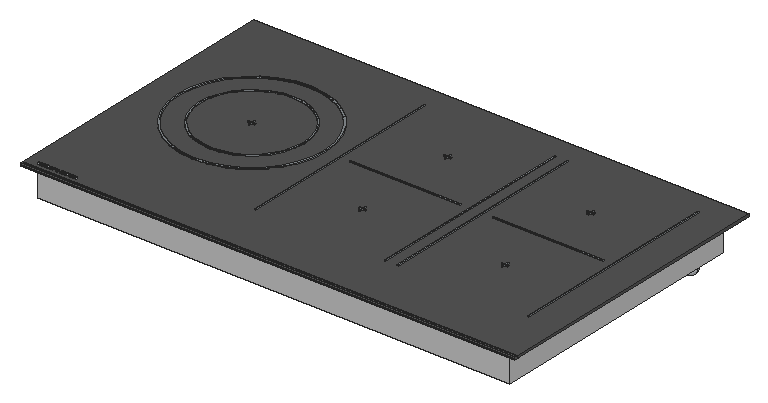
Revit family "FP_Revit_18_CI365DTB4_Cooktop_90000843B", category Specialty Equipment, Revit 2018
Family settings
  Round Connector Dimension = Use Diameter
  Part Type = Normal
  OmniClass Number = 23.40.40.14.17.11
  OmniClass Title = Cookers, Ovens, Stoves
  Work Plane-Based = No
  Always vertical = Yes
  Cut with Voids When Loaded = Yes
  Shared = No
  Room Calculation Point = No
Parameters
  Visibility - Clearance Required = yes
  URL = "www.fisherpaykel.com"
  Product - Width = 899 mm  # constant formula
  Product - Height = 99 mm  # constant formula
  Product - Depth = 530 mm  # constant formula
  Model = "CI365DTB4"
  Material - Trim = Fisher & Paykel - Aluminium, Dark
  Material - Graphics = Fisher & Paykel - Graphics Grey
  Material - Cooktop = Fisher & Paykel - Glass, Black
  Material - Body = Fisher & Paykel - Grey
  Manufacturer = "Fisher & Paykel Appliances"
  FFL Offset [instance] = 915 mm
  Description = "36\" Induction Cooktop"
  Connector Note - Electrical = "208 or 240 V, 39 A or 45 A, 60 Hz,"
  Clearance - Side of cooktop to nearest Combustible Surface = 15.5 mm  # constant formula
  Clearance - Rear of cooktop to nearest Combustible Surface = 8 mm  # constant formula
  Clearance - Overhead Rangehood = 650 mm  # constant formula
  Clearance - Overhead Non-Combustible = 610 mm  # constant formula
  Clearance - Overhead Combustible = 762 mm  # constant formula
  Clearance - Below = 85 mm  # constant formula
  Chassis - Width = 858 mm  # constant formula
  Chassis - Height = 62 mm  # constant formula
  Chassis - Depth = 484 mm  # constant formula
  Cavity - Width = 870 mm  # constant formula
  Cavity - Height = 95 mm  # constant formula
  Cavity - Depth = 494 mm  # constant formula
Reference planes
  plane 1 "Datum": y = 0
  plane 2: z = 0
  plane 3 "Center (Left/Right)": x = 0
  plane 4 "Product LHS": x = -449.5
  plane 5 "Product RHS": x = 449.5
  plane 6 "Product - Depth": y = 530
  plane 7 "Cavity LHS": x = -435
  plane 8 "Cavity RHS": x = 435
  plane 9 "Chassis - Front": y = 13.245
  plane 10 "Cavity - Depth": y = 502.7
  plane 11 "Chassis - Depth": y = 497.245
  plane 12 "Countertop": z = 915
  plane 13 "Glass": z = 920
  plane 14 "Cavity - Front": y = 8.7
  plane 15 "Basepan": z = 864.16
Forms (mm)
  Extrusion 1, solid, material "Fisher & Paykel - Glass, Black" <- "Material - Cooktop"
    sketch origin (0, 0, 0) x (0, 1, 0) y (0, 0, 1)
      loop
        line (5.299, 920) -> (5.299, 916) -> (530, 916) -> (530, 920) -> (5.299, 920)
    from -449.5 to 449.5
  Extrusion 2, solid, material "Fisher & Paykel - Aluminium, Dark" <- "Material - Trim", detail levels fine
    sketch origin (0, 0, 0) x (0, 1, 0) y (0, 0, 1)
      loop
        line (5.299, 920) -> (0.45, 920) -> (0, 916.5) -> (0, 915) -> (8.39, 915) -> (8.39, 916) -> (5.299, 916) -> (5.299, 920)
    from -449.5 to 449.5
  Extrusion 3, solid, material "Fisher & Paykel - Clearance Required (Cutout)", visible <- "Visibility - Clearance Required", detail levels coarse
    sketch origin (0, 0, 0) x (1, 0, 0) y (0, 1, 0)
      loop
        line (-435, 502.7) -> (-435, 8.7) -> (435, 8.7) -> (435, 502.7) -> (-435, 502.7)
    from 830 to 915
  Extrusion 4, solid, material "Fisher & Paykel - Aluminium, Dark" <- "Material - Trim", detail levels coarse+medium
    sketch origin (0, 0, 0) x (0, 1, 0) y (0, 0, 1)
      loop
        line (5.299, 920) -> (0, 920) -> (0, 915) -> (5.299, 915) -> (5.299, 920)
    from -449.5 to 449.5
  Extrusion 5, solid, material "Fisher & Paykel - Clearance Required (Combustible)", visible <- "Visibility - Clearance Required", detail levels coarse
    sketch origin (0, -0.687, 0) x (1, 0, 0) y (0, 1, 0)
      loop
        line (449.5, 0.687) -> (465, 0.687) -> (465, 538.687) -> (-465, 538.687) -> (-465, 0.687) -> (-449.5, 0.687) -> (-449.5, 530.687) -> (449.5, 530.687) -> (449.5, 0.687)
    from 920 to 1570
  Extrusion 6, solid, material "Fisher & Paykel - Clearance Required (Non-Combustible)", visible <- "Visibility - Clearance Required", detail levels coarse
    sketch origin (0, 0, 0) x (1, 0, 0) y (0, 1, 0)
      loop
        line (-449.5, 0) -> (449.5, 0) -> (449.5, 530) -> (-449.5, 530) -> (-449.5, 0)
    from 920 to 1530
  Extrusion 7, solid, material "Fisher & Paykel - Clearance Required (Rangehood)", visible <- "Visibility - Clearance Required", detail levels coarse
    sketch origin (0, 0, 0) x (1, 0, 0) y (0, 1, 0)
      loop
        line (-449.5, 530) -> (-449.5, 0) -> (449.5, 0) -> (449.5, 530) -> (-449.5, 530)
    from 1530 to 1570
  Extrusion 8, solid, material "Fisher & Paykel - Grey" <- "Material - Body"
    sketch origin (0, 0, 0) x (0, 1, 0) y (0, 0, 1)
      loop
        line (13.245, 864.16) -> (497.245, 864.16) -> (497.245, 915) -> (13.245, 915) -> (13.245, 864.16)
    from -429 to 429
  Extrusion 9, solid, material "Fisher & Paykel - Graphics Grey" <- "Material - Graphics", detail levels fine
    sketch origin (0, 0, 0) x (1, 0, 0) y (0, 1, 0)
      loop
        line (-104.787, 488.756) -> (-106.987, 488.756) -> (-106.987, 103.611) -> (-104.787, 103.611) -> (-104.787, 488.756)
      loop
        line (-86.192, 297.57) -> (-86.192, 295.37) -> (113.808, 295.37) -> (113.808, 297.57) -> (-86.192, 297.57)
      loop
        line (130.504, 488.756) -> (130.504, 103.611) -> (132.704, 103.611) -> (132.704, 488.756) -> (130.504, 488.756)
      loop
        line (152.482, 103.611) -> (154.682, 103.611) -> (154.682, 488.756) -> (152.482, 488.756) -> (152.482, 103.611)
      loop
        line (172.974, 297.57) -> (172.974, 295.37) -> (372.974, 295.37) -> (372.974, 297.57) -> (172.974, 297.57)
      loop
        line (389.77, 488.756) -> (389.77, 103.611) -> (391.97, 103.611) -> (391.97, 488.756) -> (389.77, 488.756)
      loop
        circle (-265.593, 296.107) r 131.061
      loop
        circle (-265.593, 296.107) r 134.065
      loop
        circle (-265.593, 296.107) r 93.54
      loop
        circle (-265.593, 296.107) r 95.565
      loop
        line (-271.743, 297.09) -> (-271.743, 295.123) -> (-266.577, 295.123) -> (-266.577, 289.957) -> (-264.609, 289.957) -> (-264.609, 295.123) -> (-259.443, 295.123) -> (-259.443, 297.09) -> (-264.609, 297.09) -> (-264.609, 302.257) -> (-266.577, 302.257) -> (-266.577, 297.09) -> (-271.743, 297.09)
      loop
        line (6.709, 200.111) -> (6.709, 198.143) -> (11.875, 198.143) -> (11.875, 192.978) -> (13.843, 192.978) -> (13.843, 198.143) -> (19.009, 198.143) -> (19.009, 200.111) -> (13.843, 200.111) -> (13.843, 205.278) -> (11.875, 205.278) -> (11.875, 200.111) -> (6.709, 200.111)
      loop
        line (266.112, 200.111) -> (266.112, 198.143) -> (271.278, 198.143) -> (271.278, 192.978) -> (273.246, 192.978) -> (273.246, 198.143) -> (278.412, 198.143) -> (278.412, 200.111) -> (273.246, 200.111) -> (273.246, 205.278) -> (271.278, 205.278) -> (271.278, 200.111) -> (266.112, 200.111)
      loop
        line (6.709, 394.054) -> (6.709, 392.086) -> (11.875, 392.086) -> (11.875, 386.92) -> (13.843, 386.92) -> (13.843, 392.086) -> (19.009, 392.086) -> (19.009, 394.054) -> (13.843, 394.054) -> (13.843, 399.22) -> (11.875, 399.22) -> (11.875, 394.054) -> (6.709, 394.054)
      loop
        line (266.112, 394.054) -> (266.112, 392.086) -> (271.278, 392.086) -> (271.278, 386.92) -> (273.246, 386.92) -> (273.246, 392.086) -> (278.412, 392.086) -> (278.412, 394.054) -> (273.246, 394.054) -> (273.246, 399.22) -> (271.278, 399.22) -> (271.278, 394.054) -> (266.112, 394.054)
    from 920 to 921
  Extrusion 10, solid, material "Fisher & Paykel - Grey" <- "Material - Body"
    sketch origin (0, 0, 0) x (1, 0, 0) y (0, 1, 0)
      loop
        line (-440, 520.2) -> (-440, 8.39) -> (440, 8.39) -> (440, 520.2) -> (-440, 520.2)
    from 915 to 916
  Extrusion 11, void
    sketch origin (0, 0, 0) x (1, 0, 0) y (0, 1, 0)
      loop
        line (-435, 502.7) -> (-435, 8.7) -> (435, 8.7) -> (435, 502.7) -> (-435, 502.7)
    from 830 to 915
Text (mm)
  text "Due to ongoing product development, product details are subject to change without notice. \nPlease always refer to www.fisherpaykel.com for the most current product information. \n© Fisher & Paykel 2020" at (41.04, -387.478, 0), in view "Ref. Level (Plan)"
Dimensions and locks
  equal spacing: plane 4 "Product LHS", plane 3 "Center (Left/Right)", plane 5 "Product RHS"
  "Product - Width": plane 4 "Product LHS" to plane 5 "Product RHS"
  equal spacing: plane 7 "Cavity LHS", plane 3 "Center (Left/Right)", plane 8 "Cavity RHS"
  "Cavity - Width": plane 7 "Cavity LHS" to plane 8 "Cavity RHS"
  "Product - Depth": Extrusion 1 to plane 1 "Datum"
  equal spacing: Extrusion 8, plane 3 "Center (Left/Right)", Extrusion 8
  "Chassis - Width": Extrusion 8 to Extrusion 8
  plane 1 "Datum" to plane 9 "Chassis - Front" = 13.245 mm
  "Chassis - Depth": plane 11 "Chassis - Depth" to plane 9 "Chassis - Front"
  equal spacing: Extrusion 10 sketch curve, plane 3 "Center (Left/Right)", Extrusion 10 sketch curve
  plane 4 "Product LHS" to Extrusion 10 sketch curve = 9.5 mm
  locked: plane 4 "Product LHS" to nested 1 at 20.001
  locked: plane 13 "Glass" to plane 12 "Countertop" at 5
  "FFL Offset": plane 12 "Countertop" to level
  locked: plane 13 "Glass" to Extrusion 1 sketch curve at 4
  locked: Extrusion 9 to plane 13 "Glass" at 1
  locked: nested 1 to plane 13 "Glass" at 0.8
  "Clearance - Overhead Rangehood": Extrusion 7 to plane 13 "Glass"
  locked: plane 1 "Datum" to plane 14 "Cavity - Front" at 8.7
  "Cavity - Depth": plane 14 "Cavity - Front" to plane 10 "Cavity - Depth"
  "Clearance - Rear of cooktop to nearest Combustible Surface": Extrusion 5 to plane 6 "Product - Depth"
  "Clearance - Side of cooktop to nearest Combustible Surface": plane 5 "Product RHS" to Extrusion 5
  "Clearance - Side of cooktop to nearest Combustible Surface": Extrusion 5 to plane 4 "Product LHS"
  "Clearance - Below": plane 12 "Countertop" to Extrusion 3
  locked: plane 12 "Countertop" to nested 2 at 80
  locked: plane 12 "Countertop" to plane 15 "Basepan" at 50.84
  "Clearance - Overhead Non-Combustible": Extrusion 7 to plane 13 "Glass"
  aligned and locked: level to plane 2
  aligned and locked: Extrusion 1 to plane 5 "Product RHS"
  aligned and locked: Extrusion 1 to plane 4 "Product LHS"
  aligned and locked: Extrusion 2 to plane 5 "Product RHS"
  aligned and locked: Extrusion 7 to Extrusion 6
  aligned and locked: plane 4 "Product LHS" to Extrusion 4
  aligned and locked: Extrusion 4 to plane 5 "Product RHS"
  aligned and locked: Extrusion 4 to Extrusion 1
  aligned and locked: Extrusion 1 to Extrusion 4
  aligned and locked: Extrusion 5 sketch curve to plane 5 "Product RHS"
  aligned and locked: plane 10 "Cavity - Depth" to Extrusion 3
  aligned and locked: plane 4 "Product LHS" to Extrusion 2
  aligned and locked: plane 12 "Countertop" to Extrusion 3
  aligned and locked: Extrusion 6 to plane 13 "Glass"
  aligned and locked: Extrusion 1 sketch curve to plane 13 "Glass"
  aligned and locked: plane 12 "Countertop" to Extrusion 8 sketch curve
  aligned and locked: Extrusion 5 to Extrusion 9
  aligned and locked: Extrusion 2 sketch curve to plane 12 "Countertop"
  aligned and locked: plane 13 "Glass" to Extrusion 2 sketch curve
  aligned and locked: Extrusion 4 to Extrusion 2  (x2)
  aligned and locked: Extrusion 10 to Extrusion 3
  aligned and locked: Extrusion 11 to Extrusion 3  (x2)
  aligned and locked: Extrusion 5 to Extrusion 7
  aligned and locked: plane 14 "Cavity - Front" to Extrusion 11
  aligned and locked: plane 14 "Cavity - Front" to Extrusion 3
  aligned and locked: plane 15 "Basepan" to Extrusion 8
  aligned and locked: Extrusion 5 to plane 13 "Glass"
  aligned and locked: Extrusion 10 to Extrusion 1
Automatic sketch dimensions
  Extrusion 1 sketch curve to plane 6 "Product - Depth" = 0 mm
  Extrusion 2 sketch curve to plane 1 "Datum" = 0 mm
  Extrusion 2 sketch curve to plane 1 "Datum" = 0.45 mm
  Extrusion 2 sketch curve to Extrusion 2 sketch curve = 1.5 mm
  Extrusion 3 sketch curve to plane 10 "Cavity - Depth" = 0 mm
  plane 7 "Cavity LHS" to Extrusion 3 sketch curve = 0 mm
  Extrusion 3 sketch curve to plane 8 "Cavity RHS" = 0 mm
  Extrusion 4 sketch curve to plane 1 "Datum" = 0 mm
  Extrusion 4 sketch curve to plane 12 "Countertop" = 0 mm
  Extrusion 4 sketch curve to plane 13 "Glass" = 0 mm
  plane 1 "Datum" to Extrusion 5 sketch curve = 0 mm  (x2)
  Extrusion 5 sketch curve to plane 4 "Product LHS" = 0 mm
  Extrusion 5 sketch curve to plane 6 "Product - Depth" = 0 mm
  plane 4 "Product LHS" to Extrusion 5 sketch curve = 15.5 mm
  Extrusion 5 sketch curve to plane 5 "Product RHS" = 15.5 mm
  plane 6 "Product - Depth" to Extrusion 5 sketch curve = 8 mm
  Extrusion 6 sketch curve to plane 4 "Product LHS" = 0 mm
  Extrusion 6 sketch curve to plane 5 "Product RHS" = 0 mm
  plane 1 "Datum" to Extrusion 6 sketch curve = 0 mm
  Extrusion 6 sketch curve to plane 6 "Product - Depth" = 0 mm
  plane 1 "Datum" to Extrusion 7 sketch curve = 0 mm
  Extrusion 7 sketch curve to plane 4 "Product LHS" = 0 mm
  Extrusion 7 sketch curve to plane 5 "Product RHS" = 0 mm
  Extrusion 7 sketch curve to plane 6 "Product - Depth" = 0 mm
  Extrusion 8 sketch curve to plane 11 "Chassis - Depth" = 0 mm
  Extrusion 8 sketch curve to plane 9 "Chassis - Front" = 0 mm
  Extrusion 9 sketch curve to Extrusion 9 sketch curve = 0 mm  (x25)
  Extrusion 9 sketch curve to plane 7 "Cavity LHS" = 163.257 mm
  Extrusion 9 sketch curve to Extrusion 9 sketch curve = 5.166 mm  (x20)
  Extrusion 9 sketch curve to Extrusion 9 sketch curve = 0.984 mm  (x3)
  Extrusion 9 sketch curve to Extrusion 9 sketch curve = 1.968 mm  (x18)
  Extrusion 9 sketch curve to plane 11 "Chassis - Depth" = 8.489 mm  (x4)
  Extrusion 9 sketch curve to plane 3 "Center (Left/Right)" = 106.987 mm
  Extrusion 9 sketch curve to Extrusion 9 sketch curve = 2.2 mm  (x6)
  Extrusion 9 sketch curve to plane 3 "Center (Left/Right)" = 86.192 mm
  plane 3 "Center (Left/Right)" to Extrusion 9 sketch curve = 6.709 mm  (x2)
  plane 3 "Center (Left/Right)" to Extrusion 9 sketch curve = 113.808 mm
  plane 3 "Center (Left/Right)" to Extrusion 9 sketch curve = 130.504 mm
  Extrusion 9 sketch curve to Extrusion 9 sketch curve = 19.778 mm
  Extrusion 9 sketch curve to Extrusion 9 sketch curve = 59.166 mm
  Extrusion 9 sketch curve to Extrusion 9 sketch curve = 93.138 mm  (x2)
  plane 8 "Cavity RHS" to Extrusion 9 sketch curve = 62.026 mm
  plane 8 "Cavity RHS" to Extrusion 9 sketch curve = 45.23 mm
  Extrusion 9 sketch curve to plane 11 "Chassis - Depth" = 98.025 mm  (x2)
  Extrusion 9 sketch curve to plane 11 "Chassis - Depth" = 194.989 mm
  Extrusion 9 sketch curve to Extrusion 9 sketch curve = 94.516 mm
  Extrusion 9 sketch curve to Extrusion 9 sketch curve = 90.093 mm  (x2)
  Extrusion 9 sketch curve to plane 9 "Chassis - Front" = 90.365 mm  (x3)
  Extrusion 10 sketch curve to plane 6 "Product - Depth" = 9.8 mm
  Extrusion 11 sketch curve to plane 10 "Cavity - Depth" = 0 mm
  plane 7 "Cavity LHS" to Extrusion 11 sketch curve = 0 mm
  Extrusion 11 sketch curve to plane 8 "Cavity RHS" = 0 mm
  Extrusion 1 sketch curve to plane 1 "Datum" = 5.299 mm
  Extrusion 2 sketch curve to Extrusion 2 sketch curve = 4.85 mm
  Extrusion 2 sketch curve to Extrusion 2 sketch curve = 3.09 mm
  plane 9 "Chassis - Front" to Extrusion 3 sketch curve = 4.545 mm
  Extrusion 4 sketch curve to Extrusion 4 sketch curve = 5.299 mm
  plane 9 "Chassis - Front" to Extrusion 10 sketch curve = 4.856 mm
  plane 9 "Chassis - Front" to Extrusion 11 sketch curve = 4.545 mm
  Extrusion 2 sketch curve to Extrusion 2 sketch curve = 1 mm
  Extrusion 8 sketch curve to plane 12 "Countertop" = 50.84 mm
  radius of Extrusion 9 sketch curve = 131.061 mm
  radius of Extrusion 9 sketch curve = 134.065 mm
  radius of Extrusion 9 sketch curve = 93.54 mm
  radius of Extrusion 9 sketch curve = 95.565 mm
Nested families
  nested 1: "F&P Logo 70mm Horizontal" at (-394.501, 14.253, 920), type "F&P Logo 70mm Horizontal"
  nested 2: "F&P Power Connection Cooktop" at (399.3, 461.987, 928.996), type "F&P Power Connection Cooktop"
Connectors
  electrical at (359.3, 392.906, 846.796), driven by "Connector Note - Electrical"
    settings: on nested 2, index 1, voltage 120 V, apparent load 0 VA, apparent load phase1 0 VA, apparent load phase2 0 VA, apparent load phase3 0 VA, power factor 1, load classification "Other", number of poles 2, system type 30, power factor state 1, is connector primary yes, connector utility no, sub classification motor no, connector description "208 or 240 V, 39 A or 45 A, 60 Hz,"
Definition of nested family "F&P Logo 70mm Horizontal"
  Parameters (values of type "F&P Logo 70mm Horizontal")
    URL = "www.fisherpaykel.com"
    Material - Logo = none
    Manufacturer = "Fisher & Paykel Appliances"
  Reference planes
    plane 1 "Center (Front/Back)": y = 0
    plane 2: z = 0
    plane 3 "Center (Left/Right)": x = 0
  Forms (mm)
    Extrusion 1, solid, material <- "Material - Logo", detail levels fine
      sketch origin (0, 0, 0) x (1, 0, 0) y (0, 1, 0)
        loop
          line (-34.997, -0.356) -> (-33.895, -0.356) -> (-33.895, 1.141) -> (-32.174, 1.141) -> (-32.174, 2.075) -> (-33.895, 2.075) -> (-33.895, 2.943) -> (-32.023, 2.943) -> (-32.023, 3.872) -> (-34.997, 3.872) -> (-34.997, -0.356)
        loop
          line (-29.929, 3.872) -> (-29.929, -0.356) -> (-28.828, -0.356) -> (-28.828, 3.872) -> (-29.929, 3.872)
        loop
          line (-21.473, 3.872) -> (-21.473, -0.356) -> (-20.372, -0.356) -> (-20.372, 1.338) -> (-18.754, 1.338) -> (-18.754, -0.356) -> (-17.652, -0.356) -> (-17.652, 3.872) -> (-18.754, 3.872) -> (-18.754, 2.268) -> (-20.372, 2.268) -> (-20.372, 3.872) -> (-21.473, 3.872)
        loop
          line (-15.301, 3.872) -> (-15.301, -0.356) -> (-12.288, -0.356) -> (-12.288, 0.444) -> (-14.209, 0.444) -> (-14.209, 1.338) -> (-12.453, 1.338) -> (-12.453, 2.268) -> (-14.209, 2.268) -> (-14.209, 3.072) -> (-12.288, 3.072) -> (-12.288, 3.872) -> (-15.301, 3.872)
        loop
          line (32, 3.872) -> (32, -0.356) -> (35.003, -0.356) -> (35.003, 0.574) -> (33.102, 0.574) -> (33.102, 3.872) -> (32, 3.872)
        loop
          line (29.735, 3.872) -> (26.712, 3.872) -> (26.712, -0.356) -> (29.735, -0.356) -> (29.735, 0.444) -> (27.814, 0.444) -> (27.814, 1.338) -> (29.57, 1.338) -> (29.57, 2.268) -> (27.814, 2.268) -> (27.814, 3.072) -> (29.735, 3.072) -> (29.735, 3.872)
        loop
          line (23.449, 1.848) -> (25.012, 3.872) -> (23.724, 3.872) -> (22.374, 2.124) -> (22.374, 3.872) -> (21.273, 3.872) -> (21.273, -0.356) -> (22.374, -0.356) -> (22.374, 1.538) -> (23.765, -0.356) -> (25.067, -0.356) -> (23.449, 1.848)
        loop
          line (15.42, 3.872) -> (17.017, 1.338) -> (17.017, -0.356) -> (18.119, -0.356) -> (18.119, 1.283) -> (19.717, 3.872) -> (18.546, 3.872) -> (17.603, 2.239) -> (16.66, 3.872) -> (15.42, 3.872)
        loop
          line (12.969, 3.872) -> (11.922, 3.872) -> (10.2, -0.356) -> (11.282, -0.356) -> (11.585, 0.422) -> (13.278, 0.422) -> (13.581, -0.356) -> (14.69, -0.356) -> (12.969, 3.872)
        loop
          line (12.913, 1.352) -> (12.419, 2.566) -> (11.946, 1.352) -> (12.913, 1.352)
        loop
          line (5.556, 3.872) -> (5.556, -0.356) -> (6.653, -0.356) -> (6.653, 1.001) -> (7.453, 1.001)
          spline (7.453, 1.001) -> (7.884, 1.05) -> (8.285, 1.193) -> (8.63, 1.421) -> (8.895, 1.719) -> (9.061, 2.065) -> (9.118, 2.436) -> (9.061, 2.808) -> (8.895, 3.154) -> (8.63, 3.452) -> (8.285, 3.68) -> (7.884, 3.823) -> (7.453, 3.872)
          line (7.453, 3.872) -> (5.556, 3.872)
        loop
          spline (7.385, 1.882) -> (7.558, 1.9) -> (7.72, 1.953) -> (7.858, 2.037) -> (7.965, 2.147) -> (8.032, 2.275) -> (8.055, 2.412) -> (8.032, 2.55) -> (7.965, 2.677) -> (7.858, 2.787) -> (7.72, 2.872) -> (7.558, 2.924) -> (7.385, 2.943)
          line (7.385, 2.943) -> (6.585, 2.943) -> (6.585, 1.882) -> (7.385, 1.882)
        loop
          line (-8.294, 2.943) -> (-9.094, 2.943) -> (-9.094, 1.781) -> (-8.294, 1.781)
          spline (-8.294, 1.781) -> (-8.121, 1.801) -> (-7.96, 1.859) -> (-7.822, 1.951) -> (-7.716, 2.072) -> (-7.649, 2.212) -> (-7.626, 2.362) -> (-7.649, 2.512) -> (-7.716, 2.652) -> (-7.822, 2.772) -> (-7.96, 2.865) -> (-8.121, 2.923) -> (-8.294, 2.943)
        loop
          line (-8.214, 3.872) -> (-10.262, 3.872) -> (-10.262, -0.356) -> (-9.094, -0.356) -> (-9.094, 0.492) -> (-8.294, 0.492) -> (-7.647, -0.356) -> (-6.373, -0.356) -> (-7.445, 1.016)
          spline (-7.445, 1.016) -> (-7.148, 1.205) -> (-6.902, 1.45) -> (-6.72, 1.739) -> (-6.611, 2.058) -> (-6.58, 2.391) -> (-6.628, 2.723) -> (-6.754, 3.037) -> (-6.95, 3.317) -> (-7.208, 3.551) -> (-7.515, 3.726) -> (-7.856, 3.835) -> (-8.214, 3.872)
        loop
          line (0.368, 2.943) -> (0.368, 3.951) -> (-2.559, 3.951) -> (-2.559, 3.151) -> (-2.048, 2.522)
          spline (-2.048, 2.522) -> (-2.373, 2.187) -> (-2.606, 1.789) -> (-2.731, 1.355) -> (-2.74, 0.914) -> (-2.632, 0.497) -> (-2.414, 0.133) -> (-2.102, -0.155) -> (-1.716, -0.347) -> (-1.283, -0.429) -> (-0.832, -0.395) -> (-0.395, -0.249) -> (0, 0)
          line (0, 0) -> (0.504, -0.621) -> (1.644, -0.621) -> (0.602, 0.712) -> (1.591, 2.137) -> (0.459, 2.137) -> (0.003, 1.48) -> (-1.14, 2.943) -> (0.368, 2.943)
        loop
          spline (-1.353, 1.874) -> (-1.563, 1.673) -> (-1.729, 1.449) -> (-1.839, 1.217) -> (-1.886, 0.992) -> (-1.867, 0.792) -> (-1.783, 0.627) -> (-1.639, 0.511) -> (-1.447, 0.451) -> (-1.218, 0.451) -> (-0.968, 0.512) -> (-0.714, 0.628) -> (-0.475, 0.792)
          line (-0.475, 0.792) -> (-1.353, 1.874)
        loop
          arc (-25.449, 3.004) -> (-24.591, 2.949) -> (-23.808, 2.592) r 2.379
          line (-23.808, 2.592) -> (-23.808, 3.586)
          arc (-23.808, 3.586) -> (-24.619, 3.915) -> (-25.494, 3.936) r 2.437
          arc (-25.494, 3.936) -> (-26.617, 2.99) -> (-26.18, 1.588) r 1.327
          arc (-26.18, 1.588) -> (-25.746, 1.367) -> (-25.276, 1.236) r 2.46
          spline (-25.276, 1.236) -> (-25.124, 1.211) -> (-24.98, 1.158) -> (-24.856, 1.083) -> (-24.761, 0.989) -> (-24.703, 0.886) -> (-24.686, 0.78) -> (-24.713, 0.681) -> (-24.78, 0.596) -> (-24.882, 0.532) -> (-25.011, 0.494) -> (-25.158, 0.485) -> (-25.311, 0.505)
          arc (-25.311, 0.505) -> (-26.045, 0.647) -> (-26.714, 0.98) r 2.761
          line (-26.714, 0.98) -> (-26.714, -0.067)
          arc (-26.714, -0.067) -> (-25.66, -0.377) -> (-24.564, -0.318) r 3.237
          arc (-24.564, -0.318) -> (-23.597, 0.72) -> (-24.205, 2.002) r 1.263
          arc (-24.205, 2.002) -> (-24.834, 2.249) -> (-25.488, 2.42) r 5.78
          spline (-25.488, 2.42) -> (-25.537, 2.449) -> (-25.58, 2.49) -> (-25.615, 2.541) -> (-25.639, 2.6) -> (-25.653, 2.664) -> (-25.654, 2.73) -> (-25.644, 2.795) -> (-25.622, 2.856) -> (-25.59, 2.909) -> (-25.549, 2.953) -> (-25.502, 2.985) -> (-25.449, 3.004)
      from 0 to 0.8
  Dimensions and locks
    Extrusion 1 sketch curve to Extrusion 1 sketch curve = 70 mm
    aligned and locked: level to plane 2
Definition of nested family "F&P Power Connection Cooktop"
  Parameters (values of type "F&P Power Connection Cooktop")
    URL = "www.fisherpaykel.com"
    Model = ""
    Material - Body = none
    Manufacturer = "Fisher & Paykel Appliances"
    Description = ""
  Reference planes
    plane 1 "Center (Front/Back)": y = 0
    plane 2: z = 0
    plane 3 "Center (Left/Right)": x = 0
  Forms (mm)
    Extrusion 1, solid, material <- "Material - Body"
      sketch origin (-399.3, -461.987, 0) x (1, 0, 0) y (0, 1, 0)
        loop
          line (371.3, 470.923) -> (371.3, 477.382)
          arc (371.3, 477.382) -> (365.3, 483.382) -> (359.3, 477.382) r 6
          line (359.3, 477.382) -> (359.3, 470.923) -> (371.3, 470.923)
        loop
          circle (365.3, 477.382) r 2
        loop
          line (371.3, 453.05) -> (359.3, 453.05) -> (359.3, 446.592)
          arc (359.3, 446.592) -> (365.3, 440.592) -> (371.3, 446.592) r 6
          line (371.3, 446.592) -> (371.3, 453.05)
        loop
          circle (365.3, 446.592) r 2
      from -85 to -75
    Revolve 2, solid, material <- "Material - Body"
      sketch origin (-399.3, 0, 0) x (1, 0, 0) y (0, 0, 1)
        loop
          line (359.3, -70.404) -> (359.3, -82.2) -> (411.196, -82.2)
          arc (411.196, -82.2) -> (407.741, -73.859) -> (399.4, -70.404) r 11.796
          line (399.4, -70.404) -> (359.3, -70.404)
        axis (359.3, -82.2) -> (411.196, -82.2)
      angle from 0 to 360
    Revolve 3, solid, material <- "Material - Body"
      sketch origin (-399.3, 0, 0) x (1, 0, 0) y (0, 0, 1)
        loop
          line (410.3, -62) -> (399.3, -62) -> (399.3, -82.2) -> (410.3, -82.2) -> (410.3, -62)
        axis (399.3, -62) -> (399.3, -82.2)
      angle from 0 to 360
    Sweep 4, solid, material <- "Material - Body"
      path origin (-399.3, -461.987, 0) x (1, 0, 0) y (0, 1, 0)
        loop
          line (359.3, 392.906) -> (280.841, 392.906)
          arc (280.841, 392.906) -> (222.158, 372.738) -> (188.271, 320.757) r 95.459
          arc (188.271, 320.757) -> (14.034, 258.449) -> (22.747, 443.286) r 111.355
          arc (22.747, 443.286) -> (55.057, 457.224) -> (89.922, 461.987) r 130
          line (89.922, 461.987) -> (359.3, 461.987)
      profile origin (-174.689, 0, 0) x (0, 1, 0) y (0, 0, 1)
        loop
          circle (0, -82.2) r 11
    Extrusion 5, solid, material <- "Material - Body", detail levels medium+fine
      sketch origin (-170.063, -461.987, 0) x (0, 1, 0) y (0, 0, 1)
        loop
          circle (392.954, -77.981) r 3
        loop
          circle (388.579, -82.669) r 3
        loop
          circle (397.329, -82.669) r 3
        loop
          circle (392.954, -87.356) r 3
      from 160 to 130.063
  Cuts and joins
    joined: Extrusion 1, Revolve 2, Revolve 3
  Text (mm)
    text "Due to ongoing product development, product details are subject to change without notice. \nPlease always refer to www.fisherpaykel.com for the most current product information. \n© Fisher & Paykel 2020" at (41.04, -387.478, 0), in view "Ref. Level (Plan)"
  Dimensions and locks
    aligned and locked: level to plane 2
